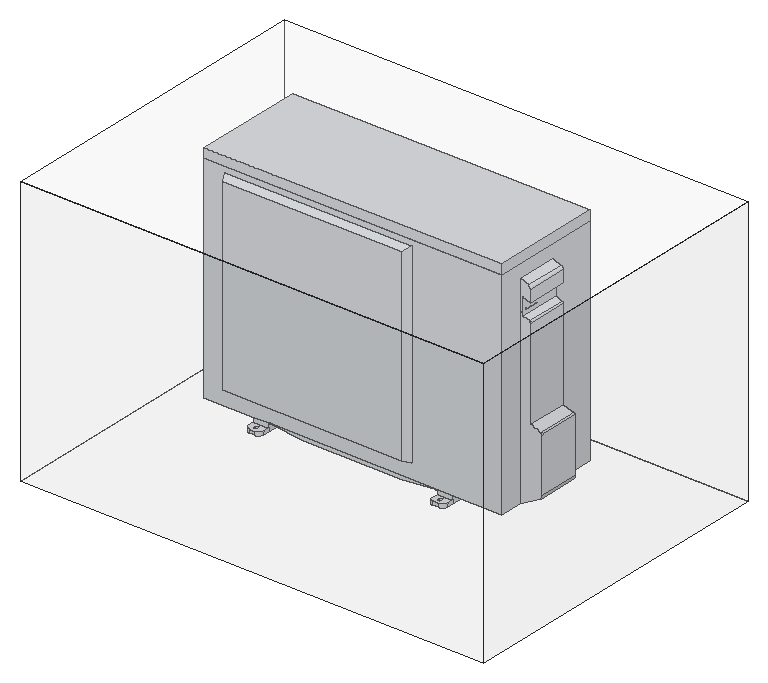
Revit family "puz-zrmp2863ska14_50hz", category 機械設備, Revit 2019
Family settings
  丸型コネクタ寸法 = 直径を使用
  パーツ タイプ = 標準
  OmniClass 番号 = 23.75.10.24.21.27.27
  OmniClass タイトル = Split System Air Conditioning Units
  作業面ベース = いいえ
  常に垂直 = はい
  ロード時にボイドで切り取り = いいえ
  共有 = いいえ
  部屋計算ポイント = いいえ
Parameters (values of type "室外機_PUZ-ZRMP28KA14 (-BS_BSG)")
  音響パワーレベル_冷房 (dB) = 64
  音響パワーレベル_暖房 (dB) = 66
  音響パワーレベル(dB) = [音響パワーレベル_暖房 (dB)]  # 66
  電源種別 = ""
  電源位置Y = 61 mm
  電源位置Z = 497.7 mm
  電源位置X = 400 mm
  電圧 = 200 V
  電動機出力_送風機 = 0.04 kW
  電動機出力_圧縮機 = 0.5 kW
  集中コントローラ [instance] = ""
  運転質量 = 0.00 kg
  運転方法 = "冷暖切替"
  質量 = if(製品質量 > 運転質量, 製品質量, 運転質量) * 1.2  # 43.20 kg
  負荷分類 = 1_熱源類
  説明 = "空冷H/P PAC インバータ室外機"
  設計暖房能力 [instance] = 0 kW
  設計冷房能力_顕熱 [instance] = 0 kW
  設計冷房能力 [instance] = 0 kW
  設置方法 = "床置形"
  記号 [instance] = ""
  製造元 = "三菱電機株式会社"
  製品質量 = 36.00 kg
  製品出荷対象 = "国内"
  製品リリース年月 = ""
  製品グループ = ""
  系統 [instance] = ""
  符号 = "PAC"
  積算_科目 = "1 空気調和設備"
  積算_拾い区分 [instance] = ""
  相 = 3
  盤記号 [instance] = ""
  発停方法 = "付属スイッチ"
  特殊仕様 [instance] = ""
  消費電力_暖房 = 0 kW
  消費電力_冷房 = 0 kW
  消費電力 = if(消費電力_冷房 > 消費電力_暖房, 消費電力_冷房, 消費電力_暖房)  # 0 kW
  法定耐用年数 = "6"
  構成品番 = "PUZ-ZRMP28KA14 (-BS,-BSG)"
  極数 = 3
  材質 [instance] = ""
  本体マテリアル = none
  最小電線太さ_mm2 = 2
  最大電流値 = 0 A
  暖房能力 = 2.8 kW
  推奨ブレーカー容量 = 15 A
  据付ピッチ1 = 0 mm
  形式 = "パッケージ形 室外機"
  形名 = PUZ-ZRMP-1 : PUZ-ZRMP-1
  幹線記号 [instance] = ""
  始動方式 = "インバータ始動方式"
  呼称 = "パッケージ形空気調和機_室外機"
  周波数 = 50 Hz
  価格 = 0
  ドレン　位置Z = 8.5 mm
  ドレン　位置Y = 48.5 mm
  ドレン　位置X = 404.5 mm
  アンカーボルト位置Y = 330 mm
  アンカーボルト位置X = 500 mm
  参照している仕様書等のバージョン = "公共建築物標準仕様書（機械設備工事編）平成31年度版"
  分類コード = "5.0053E+13"
  分類グループ = ""
  冷房能力 = 2.5 kW
  冷媒管（ガス）位置X = 420 mm
  冷媒管（液）位置X = 420 mm
  冷媒管（液）位置Y = 153.75 mm
  冷媒管（ガス）位置Y = 153.75 mm
  冷媒管長 [instance] = 0 mm
  冷媒管径符号 = "Ac"
  冷媒管径 = 60.00 mm
  冷媒管位置Z = 158.95 mm
  冷媒管位置Y = (冷媒管（液）位置Y + 冷媒管（ガス）位置Y) / 2  # 153.75 mm
  冷媒管位置X = (冷媒管（液）位置X + 冷媒管（ガス）位置X) / 2  # 420 mm
  冷媒液管径 = 6.35 mm
  冷媒ガス管径 = 12.70 mm
  企業コード = "108420"
  付属品 [instance] = ""
  仕様書バージョン = "Version1.0"
  ユニット数 = 1
  ユニット3 = yes
  ユニット2 = yes
  Model = ""
  ドレン管径 = 42.00 mm
  サービススペース = yes
  コメント [instance] = ""
  ケーブル種類1 = ""
  【値が 0 の項目は組合せ形名にてご確認ください】 = ""
  Width = 809 mm
  Version = ""
  Uniclass2015Version = "Systems v1.9"
  Uniclass2015Title = "Split coil remote air cooled condensing units"
  Uniclass2015Code = "Pr_70_65_03_84"
  URL = "https://www.mitsubishielectric.co.jp/ldg/wink/ssl/top.do"
  SpecificationReference = ""
  SpecificationDescription = ""
  Revision = ""
  ProductInformation = ""
  OmniClassCode = "23-33 17 13 11"
  IfcTypeProduct = ""
  IfcProduct = ""
  IfcExportType = "AIRCONDITIONINGUNIT"
  IfcExportAs = "IfcUnitaryEquipmentType"
  Height = 630 mm
  Depth = 300 mm
  Clearance Top = 100 mm
  Clearance Right = 350 mm
  Clearance Left = 100 mm
  Clearance Front = 500 mm
  Clearance Bottom = 0 mm
  Clearance Back = 100 mm
  COP = 0
  Author = "三菱電機株式会社"
  APF = 0
Reference planes
  plane 1 "中心(正面/背面)": y = 74
  plane 2: z = 0
  plane 3 "中心(左/右)": x = 830
  plane 4 "右": x = 1234.5
  plane 5 "左": x = 425.5
  plane 6 "背面": y = 224
  plane 7 "正面": y = -76
  plane 8 "上部": z = 630
  plane 9 "Clearanse Top": z = 730
  plane 10 "SS_back": y = 324
  plane 11 "SS_front": y = -576
  plane 12 "SS_left": x = 325.5
  plane 13 "SS_right": x = 1584.5
  plane 14: z = 0
  plane 15: y = -15
  plane 16: x = 1230
  plane 17: z = 497.7
  plane 18: y = -13
  plane 19: y = 70.25
  plane 20: x = 1250
  plane 21: y = 175.5
  plane 22: x = 830
  plane 23: z = 10.5
  plane 24: z = 8.5
  plane 25: x = 580
  plane 26: x = 1080
  plane 27: y = 239
  plane 28: y = -91
Forms (mm)
  Extrusion 1, solid, detail levels fine
    sketch origin (0, -76, 0) x (1, 0, 0) y (0, 0, 1)
      loop
        circle (1230, 497.7) r 13.5
    from -63 to -61
  Extrusion 2, solid, detail levels fine
    sketch origin (-1437.329, -1524, 54) x (-1, 0, 0) y (0, -1, 0)
      loop
        circle (-2267.329, -1699.5) r 21
    from -45.5 to -43.5
  Sweep 3, solid, material <- "本体マテリアル", detail levels fine
    path origin (1250, 1296.25, 1200) x (0, 1, 0) y (0, 0, 1)
      loop
        line (-1226, -1041.05) -> (-1272.623, -1084.565)
    profile origin (1250, 46.939, 137.193) x (0, 0.682318, -0.731055) y (1, 0, 0)
      loop
        circle (0, 0) r 30
Lines and regions (mm)
  model lines, not visible
    curve 1: line (460, 178.667, 1289.179) -> (460, 297.73, 1289.179)
    curve 2: line (460, 178.667, 1056.056) -> (460, 178.667, 1289.179)
    curve 3: line (460, 297.73, 1056.056) -> (460, 178.667, 1056.056)
    curve 4: line (460, 297.73, 1289.179) -> (460, 297.73, 1056.056)
    curve 5: line (460, 47.598, 1289.179) -> (460, 166.661, 1289.179)
    curve 6: line (460, 47.598, 1056.056) -> (460, 47.598, 1289.179)
    curve 7: line (460, 166.661, 1056.056) -> (460, 47.598, 1056.056)
    curve 8: line (460, 166.661, 1289.179) -> (460, 166.661, 1056.056)
    curve 9: line (460, -83.471, 1289.179) -> (460, 35.592, 1289.179)
    curve 10: line (460, -83.471, 1056.056) -> (460, -83.471, 1289.179)
    curve 11: line (460, 35.592, 1056.056) -> (460, -83.471, 1056.056)
    curve 12: line (460, 35.592, 1289.179) -> (460, 35.592, 1056.056)
    curve 13: line (460, -150.779, 1289.179) -> (460, -95.75, 1289.179)
    curve 14: line (460, -150.779, 1056.056) -> (460, -150.779, 1289.179)
    curve 15: line (460, -95.75, 1056.056) -> (460, -150.779, 1056.056)
    curve 16: line (460, -95.75, 1289.179) -> (460, -95.75, 1056.056)
    curve 17: line (460, -150.779, 1283.175) -> (460, -132.596, 1283.175)
    curve 18: line (460, -150.779, 1062.059) -> (460, -150.779, 1283.175)
    curve 19: line (460, -132.596, 1062.059) -> (460, -150.779, 1062.059)
    curve 20: line (460, -132.596, 1283.175) -> (460, -132.596, 1062.059)
    curve 21: line (460, 178.667, 1046.051) -> (460, 297.73, 1046.051)
    curve 22: line (460, 178.667, 812.928) -> (460, 178.667, 1046.051)
    curve 23: line (460, 297.73, 812.928) -> (460, 178.667, 812.928)
    curve 24: line (460, 297.73, 1046.051) -> (460, 297.73, 812.928)
    curve 25: line (460, 47.598, 1046.051) -> (460, 166.661, 1046.051)
    curve 26: line (460, 47.598, 812.928) -> (460, 47.598, 1046.051)
    curve 27: line (460, 166.661, 812.928) -> (460, 47.598, 812.928)
    curve 28: line (460, 166.661, 1046.051) -> (460, 166.661, 812.928)
    curve 29: line (460, -83.471, 1046.051) -> (460, 35.592, 1046.051)
    curve 30: line (460, -83.471, 812.928) -> (460, -83.471, 1046.051)
    curve 31: line (460, 35.592, 812.928) -> (460, -83.471, 812.928)
    curve 32: line (460, 35.592, 1046.051) -> (460, 35.592, 812.928)
    curve 33: line (460, -150.779, 1046.051) -> (460, -95.75, 1046.051)
    curve 34: line (460, -150.779, 812.928) -> (460, -150.779, 1046.051)
    curve 35: line (460, -95.75, 812.928) -> (460, -150.779, 812.928)
    curve 36: line (460, -95.75, 1046.051) -> (460, -95.75, 812.928)
    curve 37: line (460, -150.779, 1040.048) -> (460, -132.596, 1040.048)
    curve 38: line (460, -150.779, 818.931) -> (460, -150.779, 1040.048)
    curve 39: line (460, -132.596, 818.931) -> (460, -150.779, 818.931)
    curve 40: line (460, -132.596, 1040.048) -> (460, -132.596, 818.931)
    curve 41: line (460, 178.667, 802.923) -> (460, 297.73, 802.923)
    curve 42: line (460, 178.667, 569.8) -> (460, 178.667, 802.923)
    curve 43: line (460, 297.73, 569.8) -> (460, 178.667, 569.8)
    curve 44: line (460, 297.73, 802.923) -> (460, 297.73, 569.8)
    curve 45: line (460, 47.598, 802.923) -> (460, 166.661, 802.923)
    curve 46: line (460, 47.598, 569.8) -> (460, 47.598, 802.923)
    curve 47: line (460, 166.661, 569.8) -> (460, 47.598, 569.8)
    curve 48: line (460, 166.661, 802.923) -> (460, 166.661, 569.8)
    curve 49: line (460, -83.471, 802.923) -> (460, 35.592, 802.923)
    curve 50: line (460, -83.471, 569.8) -> (460, -83.471, 802.923)
    curve 51: line (460, 35.592, 569.8) -> (460, -83.471, 569.8)
    curve 52: line (460, 35.592, 802.923) -> (460, 35.592, 569.8)
    curve 53: line (460, -150.779, 802.923) -> (460, -95.75, 802.923)
    curve 54: line (460, -150.779, 569.8) -> (460, -150.779, 802.923)
    curve 55: line (460, -95.75, 569.8) -> (460, -150.779, 569.8)
    curve 56: line (460, -95.75, 802.923) -> (460, -95.75, 569.8)
    curve 57: line (460, -150.779, 796.92) -> (460, -132.596, 796.92)
    curve 58: line (460, -150.779, 575.803) -> (460, -150.779, 796.92)
    curve 59: line (460, -132.596, 575.803) -> (460, -150.779, 575.803)
    curve 60: line (460, -132.596, 796.92) -> (460, -132.596, 575.803)
    curve 61: line (460, 178.667, 559.795) -> (460, 297.73, 559.795)
    curve 62: line (460, 178.667, 326.672) -> (460, 178.667, 559.795)
    curve 63: line (460, 297.73, 326.672) -> (460, 178.667, 326.672)
    curve 64: line (460, 297.73, 559.795) -> (460, 297.73, 326.672)
    curve 65: line (460, 47.598, 559.795) -> (460, 166.661, 559.795)
    curve 66: line (460, 47.598, 326.672) -> (460, 47.598, 559.795)
    curve 67: line (460, 166.661, 326.672) -> (460, 47.598, 326.672)
    curve 68: line (460, 166.661, 559.795) -> (460, 166.661, 326.672)
    curve 69: line (460, -83.471, 559.795) -> (460, 35.592, 559.795)
    curve 70: line (460, -83.471, 326.672) -> (460, -83.471, 559.795)
    curve 71: line (460, 35.592, 326.672) -> (460, -83.471, 326.672)
    curve 72: line (460, 35.592, 559.795) -> (460, 35.592, 326.672)
    curve 73: line (460, -150.779, 559.795) -> (460, -95.75, 559.795)
    curve 74: line (460, -150.779, 326.672) -> (460, -150.779, 559.795)
    curve 75: line (460, -95.75, 326.672) -> (460, -150.779, 326.672)
    curve 76: line (460, -95.75, 559.795) -> (460, -95.75, 326.672)
    curve 77: line (460, -150.779, 553.792) -> (460, -132.596, 553.792)
    curve 78: line (460, -150.779, 332.675) -> (460, -150.779, 553.792)
    curve 79: line (460, -132.596, 332.675) -> (460, -150.779, 332.675)
    curve 80: line (460, -132.596, 553.792) -> (460, -132.596, 332.675)
    curve 81: line (460, 178.667, 316.667) -> (460, 297.73, 316.667)
    curve 82: line (460, 178.667, 83.544) -> (460, 178.667, 316.667)
    curve 83: line (460, 297.73, 83.544) -> (460, 178.667, 83.544)
    curve 84: line (460, 297.73, 316.667) -> (460, 297.73, 83.544)
    curve 85: line (460, 47.598, 316.667) -> (460, 166.661, 316.667)
    curve 86: line (460, 47.598, 83.544) -> (460, 47.598, 316.667)
    curve 87: line (460, 166.661, 83.544) -> (460, 47.598, 83.544)
    curve 88: line (460, 166.661, 316.667) -> (460, 166.661, 83.544)
    curve 89: line (460, -83.471, 316.667) -> (460, 35.592, 316.667)
    curve 90: line (460, -83.471, 83.544) -> (460, -83.471, 316.667)
    curve 91: line (460, 35.592, 83.544) -> (460, -83.471, 83.544)
    curve 92: line (460, 35.592, 316.667) -> (460, 35.592, 83.544)
    curve 93: line (460, -150.779, 316.667) -> (460, -95.75, 316.667)
    curve 94: line (460, -150.779, 83.544) -> (460, -150.779, 316.667)
    curve 95: line (460, -95.75, 83.544) -> (460, -150.779, 83.544)
    curve 96: line (460, -95.75, 316.667) -> (460, -95.75, 83.544)
    curve 97: line (460, -150.779, 310.664) -> (460, -132.596, 310.664)
    curve 98: line (460, -150.779, 89.547) -> (460, -150.779, 310.664)
    curve 99: line (460, -132.596, 89.547) -> (460, -150.779, 89.547)
    curve 100: line (460, -132.596, 310.664) -> (460, -132.596, 89.547)
Dimensions and locks
  equal spacing: plane 7 "正面", plane 1 "中心(正面/背面)", plane 6 "背面"
  "Depth": plane 7 "正面" to plane 6 "背面"
  "Width": plane 5 "左" to plane 4 "右"
  equal spacing: plane 5 "左", plane 3 "中心(左/右)", plane 4 "右"
  "Clearance Left": plane 12 "SS_left" to plane 5 "左"
  "Clearance Right": plane 4 "右" to plane 13 "SS_right"
  "Clearance Back": plane 6 "背面" to plane 10 "SS_back"
  "Clearance Front": plane 11 "SS_front" to plane 7 "正面"
  "Height": plane 8 "上部" to level
  "Clearance Top": plane 9 "Clearanse Top" to plane 8 "上部"
  "Clearance Bottom": level to plane 14
  "電源位置X": plane 3 "中心(左/右)" to plane 16
  "電源位置Y": plane 7 "正面" to plane 15
  "電源位置Z": plane 17 to level
  locked: plane 15 to plane 18 at 2
  "冷媒管位置X": plane 3 "中心(左/右)" to plane 20
  "冷媒管位置Y": plane 19 to plane 6 "背面"
  "ドレン　位置X": plane 5 "左" to plane 22
  "ドレン　位置Y": plane 21 to plane 6 "背面"
  locked: plane 23 to plane 24 at 2
  "ドレン　位置Z": plane 24 to level
  equal spacing: plane 28, plane 1 "中心(正面/背面)", plane 27
  "アンカーボルト位置Y": plane 28 to plane 27
  equal spacing: plane 25, plane 3 "中心(左/右)", plane 26
  "アンカーボルト位置X": plane 25 to plane 26
  radius of Extrusion 1 sketch curve = 13.5 mm
  "ドレン管径": diameter of Extrusion 2 sketch curve
  "冷媒管径": diameter of Sweep 3 sketch curve
  aligned and locked: level to plane 2
  aligned and locked: plane 10 "SS_back" to nested 1  (x2)
  aligned and locked: plane 13 "SS_right" to nested 1
  aligned and locked: plane 12 "SS_left" to nested 1  (x2)
  aligned and locked: nested 1 to plane 13 "SS_right"
  aligned and locked: plane 11 "SS_front" to nested 1
  aligned and locked: plane 9 "Clearanse Top" to nested 1
  aligned and locked: plane 1 "中心(正面/背面)" to nested 2
  aligned and locked: plane 3 "中心(左/右)" to nested 2
  aligned and locked: plane 14 to nested 1
  aligned and locked: plane 17 to Extrusion 1 sketch curve
  aligned and locked: plane 16 to Extrusion 1 sketch curve
  aligned and locked: Extrusion 1 to plane 18
  aligned and locked: plane 15 to Extrusion 1
  aligned and locked: plane 22 to Extrusion 2 sketch curve
  aligned and locked: plane 21 to Extrusion 2 sketch curve
  aligned and locked: plane 23 to Extrusion 2
  aligned and locked: Extrusion 2 to plane 24
  aligned and locked: plane 25 to nested 3
  aligned and locked: plane 27 to nested 3
Automatic sketch dimensions
  Sweep 3 sketch curve to plane 18 = 36.627 mm
  plane 1 "中心(正面/背面)" to Sweep 3 sketch curve = 3.75 mm
  plane 23 to Sweep 3 sketch curve = 104.935 mm
  Sweep 3 sketch curve to Sweep 3 sketch curve = 43.515 mm
  Sweep 3 sketch curve to plane 20 = 0 mm
  Sweep 3 sketch curve to profile plane = 0 mm
Nested families
  nested 1: "サービススペース" at (955, -126, 365), visible <- "サービススペース", type "サービススペース"
    with Width 1259 mm, Height 730 mm, Depth 900 mm
  nested 2: "PUZ-ZRMP-1" at (830, 74, 0), type <- "形名", type "PUZ-ZRMP-1"
  nested 3: "固定点" at (580, -91, 0), type "固定点"
    with 中心円 10 mm, W 500 mm, D 330 mm
Connectors
  electrical at (1230, -15, 497.7), driven by "極数", driven by "負荷分類", driven by "電圧", driven by "消費電力"
    settings: on Extrusion 1, index 2, voltage 200 V, apparent load 0 VA, apparent load phase1 0 VA, apparent load phase2 0 VA, apparent load phase3 0 VA, power factor 1, load classification "1_熱源類", number of poles 3, system type 30, power factor state 1, is connector primary yes, connector utility no, sub classification motor no, connector description ""
  piping at (1250, 70.25, 158.95), diameter 60, driven by "冷媒管径", driven by "冷媒管径符号"
    settings: on Sweep 3, index 3, connector inside diameter 609.60 mm, connector length 0 mm, flow factor 0, pipe flow 0.0 L/s, pressure drop 0.0 Pa, fitting loss kfactor 0, connector angle 0.00°, fixture units 0, engagement length 0 mm, angle of deflection 0.00°, flow configuration 1, flow direction 2, fitting loss method 4, system type 7, joint type 0, gender type 0, connector reference index -1, connector utility 0, adjustable connector no, is connector primary yes, connector description "Ac"
Definition of nested family "サービススペース"
  Parameters (values of type "サービススペース")
    Width [instance] = 500 mm
    Height [instance] = 500 mm
    Depth [instance] = 500 mm
  Reference planes
    plane 1 "中心(正面/背面)": y = 0
    plane 2: z = 0
    plane 3 "中心(左/右)": x = 0
    plane 4: y = -250
    plane 5: x = 250
    plane 6: y = 250
    plane 7: x = -250
    plane 8: z = 250
    plane 9: z = -250
  Forms (mm)
    Extrusion 1, solid
      sketch origin (-638.939, 0, 72.39) x (1, 0, 0) y (0, 1, 0)
        loop
          line (388.939, 250) -> (388.939, -250) -> (888.939, -250) -> (888.939, 250) -> (388.939, 250)
      from -322.39 to 177.61
  Lines and regions (mm)
    symbolic lines
      curve 1: line (-250, 0, 250) -> (250, 0, 250)
      curve 2: line (-250, 0, -250) -> (-250, 0, 250)
      curve 3: line (250, 0, -250) -> (-250, 0, -250)
      curve 4: line (250, 0, 250) -> (250, 0, -250)
      curve 5: line (0, -250, 250) -> (0, 250, 250)
      curve 6: line (0, -250, -250) -> (0, -250, 250)
      curve 7: line (0, 250, -250) -> (0, -250, -250)
      curve 8: line (0, 250, 250) -> (0, 250, -250)
      curve 9: line (-250, 250, 0) -> (250, 250, 0)
      curve 10: line (-250, -250, 0) -> (-250, 250, 0)
      curve 11: line (250, -250, 0) -> (-250, -250, 0)
      curve 12: line (250, 250, 0) -> (250, -250, 0)
  Dimensions and locks
    equal spacing: plane 7, plane 3 "中心(左/右)", plane 5
    equal spacing: plane 4, plane 1 "中心(正面/背面)", plane 6
    "Depth": plane 4 to plane 6
    "Width": plane 7 to plane 5
    equal spacing: plane 8, plane 2, plane 9
    "Height": plane 8 to plane 9
    aligned and locked: plane 9 to curve 3
    aligned and locked: plane 7 to curve 2
    aligned and locked: curve 4 to plane 5
    aligned and locked: plane 5 to Extrusion 1
    aligned and locked: Extrusion 1 to plane 7
    aligned and locked: Extrusion 1 to plane 9
    aligned and locked: plane 8 to Extrusion 1
    aligned and locked: plane 9 to curve 7
  Automatic sketch dimensions
    plane 4 to Extrusion 1 sketch curve = 0 mm
    Extrusion 1 sketch curve to plane 7 = 0 mm
    Extrusion 1 sketch curve to plane 5 = 0 mm
    plane 6 to Extrusion 1 sketch curve = 0 mm
    curve 2 to plane 8 = 0 mm
    plane 4 to curve 11 = 0 mm
    curve 11 to plane 7 = 0 mm
    curve 11 to plane 5 = 0 mm
    plane 6 to curve 10 = 0 mm
    curve 7 to plane 4 = 0 mm
    curve 7 to plane 6 = 0 mm
    curve 6 to plane 8 = 0 mm
Definition of nested family "PUZ-ZRMP-1"
  Parameters (values of type "PUZ-ZRMP-1")
    配線取出口サイズ = 27 mm
    配線取出口-Z = 497.7 mm
    配線取出口-Y = 239 mm
    配線取出口-X = 400 mm
    液配管サイズ = 50 mm
    高さ = 630 mm
    換気-W = 310 mm
    換気-H2 = 632 mm
    換気-H1 = 325 mm
    換気-D = 20 mm
    奥行き = 300 mm
    吊りボルト_H = 0 mm
    吊りボルト-φ = 10 mm
    冷媒配管サイズ = 6.35 mm
    冷媒液管径-Z = 164.5 mm
    冷媒液管径-Y = 185.5 mm
    冷媒液管径-X = 420 mm
    冷媒ガス管径-Z = 99.5 mm
    冷媒ガス管径-Y = 185.5 mm
    冷媒ガス管径-X = 420 mm
    吊りボルト-W = 500 mm
    マテリアル = none
    ドレン配管サイズ = 42 mm
    ドレン管径-Z = 0 mm
    ドレン管径-Y = 251.5 mm
    ドレン管径-X = 404.5 mm
    タイプ3 = no
    タイプ2 = no
    タイプ1 = yes
    ガス配管サイズ = 12.7 mm
    吊りボルト-D = 330 mm
    幅さ = 809 mm
    a = 600 mm
  Reference planes
    plane 1 "中心(正面/背面)": y = 0
    plane 2: z = 0
    plane 3 "中心(左/右)": x = 0
    plane 4: z = 630
    plane 5: x = -404.5
    plane 6: x = 404.5
    plane 7: y = 150
    plane 8: y = -150
    plane 9: x = 466.5
    plane 10: y = -90
    plane 11: y = 20
    plane 12: z = 605
    plane 13: x = -424.5
    plane 14: x = -250
    plane 15: x = 250
    plane 16: y = 165
    plane 17: y = -165
    plane 18: x = 270
    plane 19: x = 230
    plane 20: x = -230
    plane 21: x = -270
    plane 22: y = 180
    plane 23: y = -180
    plane 24: z = 8.5
    plane 25: z = 20
    plane 26: z = 11.5
    plane 27: x = -135
    plane 28: x = 135
    plane 29: z = 625
    plane 30: y = -40
    plane 31: y = 40
    plane 32: y = -30
    plane 33: y = 30
    plane 34: z = 610
    plane 35: z = 55
    plane 36: z = 225
    plane 37: z = 570
    plane 38: x = 414.5
    plane 39: x = 435.5
    plane 40: y = -170
    plane 41: x = -94.5
    plane 42: z = 325
    plane 43: x = 159.5
    plane 44: x = -348.5
    plane 45: z = 589
    plane 46: z = 61
    plane 47: x = -338.5
    plane 48: x = 149.5
    plane 49: z = 579
    plane 50: z = 71
    plane 51: y = 100
    plane 52: y = -100
    plane 53: x = 0
    plane 54: y = 101.5
    plane 55: x = 420
    plane 56: x = 400
    plane 57: y = -89
    plane 58: y = -35.5
    plane 59: y = -35.5
    plane 60: x = 420
    plane 61: z = 99.5
    plane 62: z = 164.5
    plane 63: z = 497.7
    plane 64: y = -39
    plane 65: z = 137.3
    plane 66: z = 180.6
    plane 67: x = 420
    plane 68: y = -35.5
    plane 69 "グループ": x = -600
    plane 70: z = 1338
    plane 71: z = 943
    plane 72: z = 957
    plane 73: z = 1221
    plane 74: z = 693
    plane 75: z = 1211
    plane 76: z = 703
    plane 77: y = -12.5
    plane 78: y = 5
    plane 79: y = -3.75
  Forms (mm)
    Extrusion 1, solid, visible <- "タイプ1", detail levels fine
      sketch origin (-1437.329, -1524, 630) x (-1, 0, 0) y (0, -1, 0)
        loop
          line (-1167.329, -1674) -> (-1167.329, -1374) -> (-1207.329, -1374) -> (-1207.329, -1674) -> (-1167.329, -1674)
        loop
          line (-1667.329, -1674) -> (-1667.329, -1374) -> (-1707.329, -1374) -> (-1707.329, -1674) -> (-1667.329, -1674)
      from -630 to -610
    Extrusion 2, solid, material <- "マテリアル", visible <- "タイプ1", detail levels fine
      sketch origin (0, 0, 0) x (1, 0, 0) y (0, 0, 1)
        loop
          line (-230, 20) -> (-135, 11.5) -> (135, 11.5) -> (230, 20) -> (-230, 20)
      from -150 to 150
    Extrusion 3, solid, material <- "マテリアル", visible <- "タイプ1", detail levels fine
      sketch origin (-1437.329, -1524, 630) x (-1, 0, 0) y (0, -1, 0)
        loop
          circle (-1437.329, -1625.5) r 21
      from -621.5 to -618.5
    Extrusion 4, solid, material <- "マテリアル", visible <- "タイプ1", detail levels fine
      sketch origin (-1437.329, -1524, 630) x (-1, 0, 0) y (0, -1, 0)
        loop
          line (-1841.829, -1674) -> (-1032.829, -1674) -> (-1032.829, -1374) -> (-1841.829, -1374) -> (-1841.829, -1674)
      from -610 to -25
    Extrusion 5, solid, material <- "マテリアル", visible <- "タイプ1", detail levels fine
      sketch origin (-1437.329, -1524, 630) x (-1, 0, 0) y (0, -1, 0)
        loop
          line (-1032.829, -1674) -> (-1032.829, -1374) -> (-1841.829, -1374) -> (-1841.829, -1674) -> (-1032.829, -1674)
      from -25 to 0
    Blend 6, solid, material <- "マテリアル", visible <- "タイプ1", detail levels fine
      base sketch origin (0, 0, 0) x (0, 1, 0) y (0, 0, 1)
        loop
          line (40, 625) -> (-40, 625) -> (-40, 605) -> (40, 605) -> (40, 625)
      top sketch origin (0, 0, 0) x (0, 1, 0) y (0, 0, 1)
        loop
          line (30, 610) -> (-30, 610) -> (-30, 605) -> (30, 605) -> (30, 610)
      from -404.5 to -424.5
    Extrusion 7, solid, material <- "マテリアル", visible <- "タイプ1", detail levels fine
      sketch origin (0, 0, 0) x (1, 0, 0) y (0, 0, 1)
        loop
          line (404.5, 570) -> (404.5, 20) -> (461.416, 52.13)
          arc (461.416, 52.13) -> (465.136, 55.796) -> (466.5, 60.838) r 10
          line (466.5, 60.838) -> (466.5, 210.216)
          arc (466.5, 210.216) -> (465.596, 213.084) -> (463.21, 214.914) r 5
          line (463.21, 214.914) -> (435.5, 225) -> (435.5, 470.082)
          arc (435.5, 470.082) -> (434.596, 472.95) -> (432.21, 474.78) r 5
          line (432.21, 474.78) -> (414.5, 481.226) -> (414.5, 529.114) -> (435.5, 521.471) -> (435.5, 551.715)
          arc (435.5, 551.715) -> (433.692, 557.451) -> (428.92, 561.112) r 10
          line (428.92, 561.112) -> (404.5, 570)
      from -20 to 90
    Blend 8, solid, material <- "マテリアル", visible <- "タイプ1", detail levels fine
      base sketch origin (0, 0, 0) x (1, 0, 0) y (0, 0, 1)
        loop
          line (-348.5, 589) -> (-348.5, 61) -> (159.5, 61) -> (159.5, 589) -> (-348.5, 589)
      top sketch origin (0, 0, 0) x (1, 0, 0) y (0, 0, 1)
        loop
          line (-338.5, 579) -> (-338.5, 71) -> (149.5, 71) -> (149.5, 579) -> (-338.5, 579)
      from 150 to 170
    Extrusion 9, solid, material <- "マテリアル", visible <- "タイプ1", detail levels fine
      sketch origin (1480.036, -170, 1200) x (1, 0, 0) y (0, 0, 1)
        loop
          circle (-1080.036, -702.3) r 13.5
      from -131 to -81
    Extrusion 10, solid, visible <- "タイプ1", detail levels fine
      sketch origin (-1437.329, -1524, 630) x (-1, 0, 0) y (0, -1, 0)
        loop
          line (-1167.329, -1704) -> (-1167.329, -1674) -> (-1207.329, -1674) -> (-1207.329, -1704) -> (-1192.329, -1704) -> (-1192.329, -1689)
          arc (-1192.329, -1689) -> (-1187.329, -1684) -> (-1182.329, -1689) r 5
          line (-1182.329, -1689) -> (-1182.329, -1704) -> (-1167.329, -1704)
        loop
          line (-1667.329, -1704) -> (-1667.329, -1674) -> (-1707.329, -1674) -> (-1707.329, -1704) -> (-1692.329, -1704) -> (-1692.329, -1689)
          arc (-1692.329, -1689) -> (-1687.329, -1684) -> (-1682.329, -1689) r 5
          line (-1682.329, -1689) -> (-1682.329, -1704) -> (-1667.329, -1704)
        loop
          line (-1667.329, -1374) -> (-1667.329, -1354)
          arc (-1667.329, -1354) -> (-1670.258, -1346.929) -> (-1677.329, -1344) r 10
          line (-1677.329, -1344) -> (-1694.129, -1344)
          arc (-1694.129, -1344) -> (-1703.463, -1347.866) -> (-1707.329, -1357.2) r 13.2
          line (-1707.329, -1357.2) -> (-1707.329, -1374) -> (-1667.329, -1374)
        loop
          line (-1167.329, -1374) -> (-1167.329, -1357.2)
          arc (-1167.329, -1357.2) -> (-1171.196, -1347.866) -> (-1180.529, -1344) r 13.2
          line (-1180.529, -1344) -> (-1194.129, -1344)
          arc (-1194.129, -1344) -> (-1203.463, -1347.866) -> (-1207.329, -1357.2) r 13.2
          line (-1207.329, -1357.2) -> (-1207.329, -1374) -> (-1167.329, -1374)
        loop
          arc (-1192.329, -1359) -> (-1187.329, -1364) -> (-1182.329, -1359) r 5
          line (-1182.329, -1359) -> (-1182.329, -1357.2)
          arc (-1182.329, -1357.2) -> (-1187.329, -1352.2) -> (-1192.329, -1357.2) r 5
          line (-1192.329, -1357.2) -> (-1192.329, -1359)
        loop
          arc (-1692.329, -1359) -> (-1687.329, -1364) -> (-1682.329, -1359) r 5
          line (-1682.329, -1359) -> (-1682.329, -1357.2)
          arc (-1682.329, -1357.2) -> (-1687.329, -1352.2) -> (-1692.329, -1357.2) r 5
          line (-1692.329, -1357.2) -> (-1692.329, -1359)
      from -621.5 to -630
    Sweep 11, solid, material <- "マテリアル", visible <- "タイプ1", detail levels fine
      path origin (420, 1296.25, 1200) x (0, 1, 0) y (0, 0, 1)
        loop
          line (-1331.75, -1035.5) -> (-1308.75, -1019.4)
      profile origin (420, -24, 172.55) x (0, -0.573462, 0.819232) y (1, 0, 0)
        loop
          circle (0, 0) r 3.175
    Sweep 12, solid, material <- "マテリアル", visible <- "タイプ1", detail levels fine
      path origin (420, 1296.25, 1200) x (0, 1, 0) y (0, 0, 1)
        loop
          line (-1331.75, -1100.5) -> (-1291.25, -1062.7)
      profile origin (420, -15.25, 118.4) x (0, -0.682318, 0.731055) y (1, 0, 0)
        loop
          circle (0, 0) r 6.35
  Lines and regions (mm)
    Masking region 1, visible <- "タイプ1", detail levels coarse+medium
      outline origin (-1437.329, -1524, 630) x (-1, 0, 0) y (0, -1, 0)
        loop
          line (-1841.829, -1674) -> (-1707.329, -1674) -> (-1707.329, -1704) -> (-1667.329, -1704) -> (-1667.329, -1674) -> (-1207.329, -1674) -> (-1207.329, -1704) -> (-1167.329, -1704) -> (-1167.329, -1674) -> (-1032.829, -1674) -> (-1032.829, -1564) -> (-1012.829, -1554) -> (-1012.829, -1494) -> (-1032.829, -1484) -> (-1032.829, -1374) -> (-1088.829, -1374) -> (-1098.829, -1354) -> (-1164.523, -1354)
          arc (-1164.523, -1354) -> (-1169.205, -1346.796) -> (-1177.329, -1344) r 13.2
          line (-1177.329, -1344) -> (-1193.997, -1344)
          arc (-1193.997, -1344) -> (-1202.121, -1346.796) -> (-1206.804, -1354) r 13.2
          line (-1206.804, -1354) -> (-1586.829, -1354) -> (-1596.829, -1374) -> (-1667.329, -1374) -> (-1667.329, -1354)
          arc (-1667.329, -1354) -> (-1670.258, -1346.929) -> (-1677.329, -1344) r 10
          line (-1677.329, -1344) -> (-1694.129, -1344)
          arc (-1694.129, -1344) -> (-1703.463, -1347.866) -> (-1707.329, -1357.2) r 13.2
          line (-1707.329, -1357.2) -> (-1707.329, -1374) -> (-1841.829, -1374) -> (-1841.829, -1434) -> (-1903.829, -1434) -> (-1903.829, -1544) -> (-1841.829, -1544) -> (-1841.829, -1674)
    model lines, visible <- "タイプ1", detail levels fine
      curve 1: line (324.5, 100, 630) -> (-324.5, 100, 630)
      curve 2: line (-324.5, -100, 630) -> (324.5, -100, 630)
      curve 3: line (-324.5, -40, 630) -> (324.5, -40, 630)
      curve 4: line (324.5, 40, 630) -> (-324.5, 40, 630)
      curve 5: line (-324.5, -30, 630) -> (324.5, -30, 630)
      curve 6: line (324.5, 30, 630) -> (-324.5, 30, 630)
      curve 7: line (-324.5, 100, 630) -> (-324.5, 40, 630)
      curve 8: line (324.5, -100, 630) -> (324.5, -40, 630)
      curve 9: line (-324.5, 30, 630) -> (-324.5, -30, 630)
      curve 10: line (-324.5, -40, 630) -> (-324.5, -100, 630)
      curve 11: line (324.5, -30, 630) -> (324.5, 30, 630)
      curve 12: line (324.5, 40, 630) -> (324.5, 100, 630)
      curve 13: line (354.5, -100, 630) -> (354.5, 100, 630)
      curve 14: line (339.5, -100, 630) -> (339.5, 100, 630)
      curve 15: line (-354.5, 100, 630) -> (-354.5, -100, 630)
      curve 16: line (-339.5, 100, 630) -> (-339.5, -100, 630)
      curve 17: line (-339.5, 100, 630) -> (-354.5, 100, 630)
      curve 18: line (-339.5, -100, 630) -> (-354.5, -100, 630)
      curve 19: line (339.5, 100, 630) -> (354.5, 100, 630)
      curve 20: line (339.5, -100, 630) -> (354.5, -100, 630)
      curve 21: line (-338.5, -170, 372.5) -> (149.5, -170, 372.5)
      curve 22: line (149.5, -170, 277.5) -> (-338.5, -170, 277.5)
      curve 23: line (-338.5, -170, 467.5) -> (149.5, -170, 467.5)
      curve 24: line (-338.5, -170, 562.5) -> (149.5, -170, 562.5)
      curve 25: line (149.5, -170, 182.5) -> (-338.5, -170, 182.5)
      curve 26: line (149.5, -170, 87.5) -> (-338.5, -170, 87.5)
      curve 27: line (-321.071, -170, 579) -> (-321.071, -170, 71)
      curve 28: line (132.071, -170, 71) -> (132.071, -170, 579)
      curve 29: line (-303.643, -170, 579) -> (-303.643, -170, 71)
      curve 30: line (-286.214, -170, 579) -> (-286.214, -170, 71)
      curve 31: line (-268.786, -170, 579) -> (-268.786, -170, 71)
      curve 32: line (-251.357, -170, 579) -> (-251.357, -170, 71)
      curve 33: line (-233.929, -170, 579) -> (-233.929, -170, 71)
      curve 34: line (-216.5, -170, 579) -> (-216.5, -170, 71)
      curve 35: line (-199.071, -170, 579) -> (-199.071, -170, 71)
      curve 36: line (-181.643, -170, 579) -> (-181.643, -170, 71)
      curve 37: line (-164.214, -170, 579) -> (-164.214, -170, 71)
      curve 38: line (-146.786, -170, 579) -> (-146.786, -170, 71)
      curve 39: line (-129.357, -170, 579) -> (-129.357, -170, 71)
      curve 40: line (-111.929, -170, 579) -> (-111.929, -170, 71)
      curve 41: line (-94.5, -170, 579) -> (-94.5, -170, 71)
      curve 42: line (-77.071, -170, 579) -> (-77.071, -170, 71)
      curve 43: line (-59.643, -170, 579) -> (-59.643, -170, 71)
      curve 44: line (-42.214, -170, 579) -> (-42.214, -170, 71)
      curve 45: line (-24.786, -170, 579) -> (-24.786, -170, 71)
      curve 46: line (-7.357, -170, 579) -> (-7.357, -170, 71)
      curve 47: line (10.071, -170, 579) -> (10.071, -170, 71)
      curve 48: line (27.5, -170, 579) -> (27.5, -170, 71)
      curve 49: line (44.929, -170, 579) -> (44.929, -170, 71)
      curve 50: line (62.357, -170, 579) -> (62.357, -170, 71)
      curve 51: line (79.786, -170, 579) -> (79.786, -170, 71)
      curve 52: line (97.214, -170, 579) -> (97.214, -170, 71)
      curve 53: line (114.643, -170, 579) -> (114.643, -170, 71)
      curve 54: line (-404.5, -10, 574) -> (-404.5, -10, 584)
      curve 55: line (-404.5, -100, 584) -> (-404.5, -100, 574)
      curve 56: line (-404.5, 100, 584) -> (-404.5, 100, 574)
      curve 57: line (-404.5, 10, 584) -> (-404.5, 10, 574)
      curve 58: line (-404.5, 95, 589) -> (-404.5, 15, 589)
      curve 59: line (-404.5, -15, 589) -> (-404.5, -95, 589)
      curve 60: line (-404.5, -15, 569) -> (-404.5, -95, 569)
      curve 61: line (-404.5, 95, 569) -> (-404.5, 15, 569)
      curve 62: arc (-404.5, 100, 584) -> (-404.5, 98.536, 587.536) -> (-404.5, 95, 589) r 5
      curve 63: arc (-404.5, 95, 569) -> (-404.5, 98.536, 570.464) -> (-404.5, 100, 574) r 5
      curve 64: arc (-404.5, 10, 584) -> (-404.5, 11.464, 587.536) -> (-404.5, 15, 589) r 5
      curve 65: arc (-404.5, 10, 574) -> (-404.5, 11.464, 570.464) -> (-404.5, 15, 569) r 5
      curve 66: arc (-404.5, -10, 584) -> (-404.5, -11.464, 587.536) -> (-404.5, -15, 589) r 5
      curve 67: arc (-404.5, -15, 569) -> (-404.5, -11.464, 570.464) -> (-404.5, -10, 574) r 5
      curve 68: arc (-404.5, -95, 589) -> (-404.5, -98.536, 587.536) -> (-404.5, -100, 584) r 5
      curve 69: arc (-404.5, -100, 574) -> (-404.5, -98.536, 570.464) -> (-404.5, -95, 569) r 5
      curve 70: line (-404.5, -10, 544) -> (-404.5, -10, 554)
      curve 71: line (-404.5, -100, 554) -> (-404.5, -100, 544)
      curve 72: line (-404.5, 100, 554) -> (-404.5, 100, 544)
      curve 73: line (-404.5, 10, 554) -> (-404.5, 10, 544)
      curve 74: line (-404.5, 95, 559) -> (-404.5, 15, 559)
      curve 75: line (-404.5, -15, 559) -> (-404.5, -95, 559)
      curve 76: line (-404.5, -15, 539) -> (-404.5, -95, 539)
      curve 77: line (-404.5, 95, 539) -> (-404.5, 15, 539)
      curve 78: arc (-404.5, 100, 554) -> (-404.5, 98.536, 557.536) -> (-404.5, 95, 559) r 5
      curve 79: arc (-404.5, 95, 539) -> (-404.5, 98.536, 540.464) -> (-404.5, 100, 544) r 5
      curve 80: arc (-404.5, 10, 554) -> (-404.5, 11.464, 557.536) -> (-404.5, 15, 559) r 5
      curve 81: arc (-404.5, 10, 544) -> (-404.5, 11.464, 540.464) -> (-404.5, 15, 539) r 5
      curve 82: arc (-404.5, -10, 554) -> (-404.5, -11.464, 557.536) -> (-404.5, -15, 559) r 5
      curve 83: arc (-404.5, -15, 539) -> (-404.5, -11.464, 540.464) -> (-404.5, -10, 544) r 5
      curve 84: arc (-404.5, -95, 559) -> (-404.5, -98.536, 557.536) -> (-404.5, -100, 554) r 5
      curve 85: arc (-404.5, -100, 544) -> (-404.5, -98.536, 540.464) -> (-404.5, -95, 539) r 5
      curve 86: line (-404.5, -10, 514) -> (-404.5, -10, 524)
      curve 87: line (-404.5, -100, 524) -> (-404.5, -100, 514)
      curve 88: line (-404.5, 100, 524) -> (-404.5, 100, 514)
      curve 89: line (-404.5, 10, 524) -> (-404.5, 10, 514)
      curve 90: line (-404.5, 95, 529) -> (-404.5, 15, 529)
      curve 91: line (-404.5, -15, 529) -> (-404.5, -95, 529)
      curve 92: line (-404.5, -15, 509) -> (-404.5, -95, 509)
      curve 93: line (-404.5, 95, 509) -> (-404.5, 15, 509)
      curve 94: arc (-404.5, 100, 524) -> (-404.5, 98.536, 527.536) -> (-404.5, 95, 529) r 5
      curve 95: arc (-404.5, 95, 509) -> (-404.5, 98.536, 510.464) -> (-404.5, 100, 514) r 5
      curve 96: arc (-404.5, 10, 524) -> (-404.5, 11.464, 527.536) -> (-404.5, 15, 529) r 5
      curve 97: arc (-404.5, 10, 514) -> (-404.5, 11.464, 510.464) -> (-404.5, 15, 509) r 5
      curve 98: arc (-404.5, -10, 524) -> (-404.5, -11.464, 527.536) -> (-404.5, -15, 529) r 5
      curve 99: arc (-404.5, -15, 509) -> (-404.5, -11.464, 510.464) -> (-404.5, -10, 514) r 5
      curve 100: arc (-404.5, -95, 529) -> (-404.5, -98.536, 527.536) -> (-404.5, -100, 524) r 5
      curve 101: arc (-404.5, -100, 514) -> (-404.5, -98.536, 510.464) -> (-404.5, -95, 509) r 5
      curve 102: line (-404.5, -10, 484) -> (-404.5, -10, 494)
      curve 103: line (-404.5, -100, 494) -> (-404.5, -100, 484)
      curve 104: line (-404.5, 100, 494) -> (-404.5, 100, 484)
      curve 105: line (-404.5, 10, 494) -> (-404.5, 10, 484)
      curve 106: line (-404.5, 95, 499) -> (-404.5, 15, 499)
      curve 107: line (-404.5, -15, 499) -> (-404.5, -95, 499)
      curve 108: line (-404.5, -15, 479) -> (-404.5, -95, 479)
      curve 109: line (-404.5, 95, 479) -> (-404.5, 15, 479)
      curve 110: arc (-404.5, 100, 494) -> (-404.5, 98.536, 497.536) -> (-404.5, 95, 499) r 5
      curve 111: arc (-404.5, 95, 479) -> (-404.5, 98.536, 480.464) -> (-404.5, 100, 484) r 5
      curve 112: arc (-404.5, 10, 494) -> (-404.5, 11.464, 497.536) -> (-404.5, 15, 499) r 5
      curve 113: arc (-404.5, 10, 484) -> (-404.5, 11.464, 480.464) -> (-404.5, 15, 479) r 5
      curve 114: arc (-404.5, -10, 494) -> (-404.5, -11.464, 497.536) -> (-404.5, -15, 499) r 5
      curve 115: arc (-404.5, -15, 479) -> (-404.5, -11.464, 480.464) -> (-404.5, -10, 484) r 5
      curve 116: arc (-404.5, -95, 499) -> (-404.5, -98.536, 497.536) -> (-404.5, -100, 494) r 5
      curve 117: arc (-404.5, -100, 484) -> (-404.5, -98.536, 480.464) -> (-404.5, -95, 479) r 5
      curve 118: line (-404.5, -10, 454) -> (-404.5, -10, 464)
      curve 119: line (-404.5, -100, 464) -> (-404.5, -100, 454)
      curve 120: line (-404.5, 100, 464) -> (-404.5, 100, 454)
      curve 121: line (-404.5, 10, 464) -> (-404.5, 10, 454)
      curve 122: line (-404.5, 95, 469) -> (-404.5, 15, 469)
      curve 123: line (-404.5, -15, 469) -> (-404.5, -95, 469)
      curve 124: line (-404.5, -15, 449) -> (-404.5, -95, 449)
      curve 125: line (-404.5, 95, 449) -> (-404.5, 15, 449)
      curve 126: arc (-404.5, 100, 464) -> (-404.5, 98.536, 467.536) -> (-404.5, 95, 469) r 5
      curve 127: arc (-404.5, 95, 449) -> (-404.5, 98.536, 450.464) -> (-404.5, 100, 454) r 5
      curve 128: arc (-404.5, 10, 464) -> (-404.5, 11.464, 467.536) -> (-404.5, 15, 469) r 5
      curve 129: arc (-404.5, 10, 454) -> (-404.5, 11.464, 450.464) -> (-404.5, 15, 449) r 5
      curve 130: arc (-404.5, -10, 464) -> (-404.5, -11.464, 467.536) -> (-404.5, -15, 469) r 5
      curve 131: arc (-404.5, -15, 449) -> (-404.5, -11.464, 450.464) -> (-404.5, -10, 454) r 5
      curve 132: arc (-404.5, -95, 469) -> (-404.5, -98.536, 467.536) -> (-404.5, -100, 464) r 5
      curve 133: arc (-404.5, -100, 454) -> (-404.5, -98.536, 450.464) -> (-404.5, -95, 449) r 5
      curve 134: line (-404.5, -10, 424) -> (-404.5, -10, 434)
      curve 135: line (-404.5, -100, 434) -> (-404.5, -100, 424)
      curve 136: line (-404.5, 100, 434) -> (-404.5, 100, 424)
      curve 137: line (-404.5, 10, 434) -> (-404.5, 10, 424)
      curve 138: line (-404.5, 95, 439) -> (-404.5, 15, 439)
      curve 139: line (-404.5, -15, 439) -> (-404.5, -95, 439)
      curve 140: line (-404.5, -15, 419) -> (-404.5, -95, 419)
      curve 141: line (-404.5, 95, 419) -> (-404.5, 15, 419)
      curve 142: arc (-404.5, 100, 434) -> (-404.5, 98.536, 437.536) -> (-404.5, 95, 439) r 5
      curve 143: arc (-404.5, 95, 419) -> (-404.5, 98.536, 420.464) -> (-404.5, 100, 424) r 5
      curve 144: arc (-404.5, 10, 434) -> (-404.5, 11.464, 437.536) -> (-404.5, 15, 439) r 5
      curve 145: arc (-404.5, 10, 424) -> (-404.5, 11.464, 420.464) -> (-404.5, 15, 419) r 5
      curve 146: arc (-404.5, -10, 434) -> (-404.5, -11.464, 437.536) -> (-404.5, -15, 439) r 5
      curve 147: arc (-404.5, -15, 419) -> (-404.5, -11.464, 420.464) -> (-404.5, -10, 424) r 5
      curve 148: arc (-404.5, -95, 439) -> (-404.5, -98.536, 437.536) -> (-404.5, -100, 434) r 5
      curve 149: arc (-404.5, -100, 424) -> (-404.5, -98.536, 420.464) -> (-404.5, -95, 419) r 5
      curve 150: line (-404.5, -10, 394) -> (-404.5, -10, 404)
      curve 151: line (-404.5, -100, 404) -> (-404.5, -100, 394)
      curve 152: line (-404.5, 100, 404) -> (-404.5, 100, 394)
      curve 153: line (-404.5, 10, 404) -> (-404.5, 10, 394)
      curve 154: line (-404.5, 95, 409) -> (-404.5, 15, 409)
      curve 155: line (-404.5, -15, 409) -> (-404.5, -95, 409)
      curve 156: line (-404.5, -15, 389) -> (-404.5, -95, 389)
      curve 157: line (-404.5, 95, 389) -> (-404.5, 15, 389)
      curve 158: arc (-404.5, 100, 404) -> (-404.5, 98.536, 407.536) -> (-404.5, 95, 409) r 5
      curve 159: arc (-404.5, 95, 389) -> (-404.5, 98.536, 390.464) -> (-404.5, 100, 394) r 5
      curve 160: arc (-404.5, 10, 404) -> (-404.5, 11.464, 407.536) -> (-404.5, 15, 409) r 5
      curve 161: arc (-404.5, 10, 394) -> (-404.5, 11.464, 390.464) -> (-404.5, 15, 389) r 5
      curve 162: arc (-404.5, -10, 404) -> (-404.5, -11.464, 407.536) -> (-404.5, -15, 409) r 5
      curve 163: arc (-404.5, -15, 389) -> (-404.5, -11.464, 390.464) -> (-404.5, -10, 394) r 5
      curve 164: arc (-404.5, -95, 409) -> (-404.5, -98.536, 407.536) -> (-404.5, -100, 404) r 5
      curve 165: arc (-404.5, -100, 394) -> (-404.5, -98.536, 390.464) -> (-404.5, -95, 389) r 5
      curve 166: line (-404.5, -10, 364) -> (-404.5, -10, 374)
      curve 167: line (-404.5, -100, 374) -> (-404.5, -100, 364)
      curve 168: line (-404.5, 100, 374) -> (-404.5, 100, 364)
      curve 169: line (-404.5, 10, 374) -> (-404.5, 10, 364)
      curve 170: line (-404.5, 95, 379) -> (-404.5, 15, 379)
      curve 171: line (-404.5, -15, 379) -> (-404.5, -95, 379)
      curve 172: line (-404.5, -15, 359) -> (-404.5, -95, 359)
      curve 173: line (-404.5, 95, 359) -> (-404.5, 15, 359)
      curve 174: arc (-404.5, 100, 374) -> (-404.5, 98.536, 377.536) -> (-404.5, 95, 379) r 5
      curve 175: arc (-404.5, 95, 359) -> (-404.5, 98.536, 360.464) -> (-404.5, 100, 364) r 5
      curve 176: arc (-404.5, 10, 374) -> (-404.5, 11.464, 377.536) -> (-404.5, 15, 379) r 5
      curve 177: arc (-404.5, 10, 364) -> (-404.5, 11.464, 360.464) -> (-404.5, 15, 359) r 5
      curve 178: arc (-404.5, -10, 374) -> (-404.5, -11.464, 377.536) -> (-404.5, -15, 379) r 5
      curve 179: arc (-404.5, -15, 359) -> (-404.5, -11.464, 360.464) -> (-404.5, -10, 364) r 5
      curve 180: arc (-404.5, -95, 379) -> (-404.5, -98.536, 377.536) -> (-404.5, -100, 374) r 5
      curve 181: arc (-404.5, -100, 364) -> (-404.5, -98.536, 360.464) -> (-404.5, -95, 359) r 5
      curve 182: line (-404.5, -10, 334) -> (-404.5, -10, 344)
      curve 183: line (-404.5, -100, 344) -> (-404.5, -100, 334)
      curve 184: line (-404.5, 100, 344) -> (-404.5, 100, 334)
      curve 185: line (-404.5, 10, 344) -> (-404.5, 10, 334)
      curve 186: line (-404.5, 95, 349) -> (-404.5, 15, 349)
      curve 187: line (-404.5, -15, 349) -> (-404.5, -95, 349)
      curve 188: line (-404.5, -15, 329) -> (-404.5, -95, 329)
      curve 189: line (-404.5, 95, 329) -> (-404.5, 15, 329)
      curve 190: arc (-404.5, 100, 344) -> (-404.5, 98.536, 347.536) -> (-404.5, 95, 349) r 5
      curve 191: arc (-404.5, 95, 329) -> (-404.5, 98.536, 330.464) -> (-404.5, 100, 334) r 5
      curve 192: arc (-404.5, 10, 344) -> (-404.5, 11.464, 347.536) -> (-404.5, 15, 349) r 5
      curve 193: arc (-404.5, 10, 334) -> (-404.5, 11.464, 330.464) -> (-404.5, 15, 329) r 5
      curve 194: arc (-404.5, -10, 344) -> (-404.5, -11.464, 347.536) -> (-404.5, -15, 349) r 5
      curve 195: arc (-404.5, -15, 329) -> (-404.5, -11.464, 330.464) -> (-404.5, -10, 334) r 5
      curve 196: arc (-404.5, -95, 349) -> (-404.5, -98.536, 347.536) -> (-404.5, -100, 344) r 5
      curve 197: arc (-404.5, -100, 334) -> (-404.5, -98.536, 330.464) -> (-404.5, -95, 329) r 5
      curve 198: line (-404.5, -10, 304) -> (-404.5, -10, 314)
      curve 199: line (-404.5, -100, 314) -> (-404.5, -100, 304)
      curve 200: line (-404.5, 100, 314) -> (-404.5, 100, 304)
      curve 201: line (-404.5, 10, 314) -> (-404.5, 10, 304)
      curve 202: line (-404.5, 95, 319) -> (-404.5, 15, 319)
      curve 203: line (-404.5, -15, 319) -> (-404.5, -95, 319)
      curve 204: line (-404.5, -15, 299) -> (-404.5, -95, 299)
      curve 205: line (-404.5, 95, 299) -> (-404.5, 15, 299)
      curve 206: arc (-404.5, 100, 314) -> (-404.5, 98.536, 317.536) -> (-404.5, 95, 319) r 5
      curve 207: arc (-404.5, 95, 299) -> (-404.5, 98.536, 300.464) -> (-404.5, 100, 304) r 5
      curve 208: arc (-404.5, 10, 314) -> (-404.5, 11.464, 317.536) -> (-404.5, 15, 319) r 5
      curve 209: arc (-404.5, 10, 304) -> (-404.5, 11.464, 300.464) -> (-404.5, 15, 299) r 5
      curve 210: arc (-404.5, -10, 314) -> (-404.5, -11.464, 317.536) -> (-404.5, -15, 319) r 5
      curve 211: arc (-404.5, -15, 299) -> (-404.5, -11.464, 300.464) -> (-404.5, -10, 304) r 5
      curve 212: arc (-404.5, -95, 319) -> (-404.5, -98.536, 317.536) -> (-404.5, -100, 314) r 5
      curve 213: arc (-404.5, -100, 304) -> (-404.5, -98.536, 300.464) -> (-404.5, -95, 299) r 5
      curve 214: line (-404.5, -10, 274) -> (-404.5, -10, 284)
      curve 215: line (-404.5, -100, 284) -> (-404.5, -100, 274)
      curve 216: line (-404.5, 100, 284) -> (-404.5, 100, 274)
      curve 217: line (-404.5, 10, 284) -> (-404.5, 10, 274)
      curve 218: line (-404.5, 95, 289) -> (-404.5, 15, 289)
      curve 219: line (-404.5, -15, 289) -> (-404.5, -95, 289)
      curve 220: line (-404.5, -15, 269) -> (-404.5, -95, 269)
      curve 221: line (-404.5, 95, 269) -> (-404.5, 15, 269)
      curve 222: arc (-404.5, 100, 284) -> (-404.5, 98.536, 287.536) -> (-404.5, 95, 289) r 5
      curve 223: arc (-404.5, 95, 269) -> (-404.5, 98.536, 270.464) -> (-404.5, 100, 274) r 5
      curve 224: arc (-404.5, 10, 284) -> (-404.5, 11.464, 287.536) -> (-404.5, 15, 289) r 5
      curve 225: arc (-404.5, 10, 274) -> (-404.5, 11.464, 270.464) -> (-404.5, 15, 269) r 5
      curve 226: arc (-404.5, -10, 284) -> (-404.5, -11.464, 287.536) -> (-404.5, -15, 289) r 5
      curve 227: arc (-404.5, -15, 269) -> (-404.5, -11.464, 270.464) -> (-404.5, -10, 274) r 5
      curve 228: arc (-404.5, -95, 289) -> (-404.5, -98.536, 287.536) -> (-404.5, -100, 284) r 5
      curve 229: arc (-404.5, -100, 274) -> (-404.5, -98.536, 270.464) -> (-404.5, -95, 269) r 5
      curve 230: line (-404.5, -10, 244) -> (-404.5, -10, 254)
      curve 231: line (-404.5, -100, 254) -> (-404.5, -100, 244)
      curve 232: line (-404.5, 100, 254) -> (-404.5, 100, 244)
      curve 233: line (-404.5, 10, 254) -> (-404.5, 10, 244)
      curve 234: line (-404.5, 95, 259) -> (-404.5, 15, 259)
      curve 235: line (-404.5, -15, 259) -> (-404.5, -95, 259)
      curve 236: line (-404.5, -15, 239) -> (-404.5, -95, 239)
      curve 237: line (-404.5, 95, 239) -> (-404.5, 15, 239)
      curve 238: arc (-404.5, 100, 254) -> (-404.5, 98.536, 257.536) -> (-404.5, 95, 259) r 5
      curve 239: arc (-404.5, 95, 239) -> (-404.5, 98.536, 240.464) -> (-404.5, 100, 244) r 5
      curve 240: arc (-404.5, 10, 254) -> (-404.5, 11.464, 257.536) -> (-404.5, 15, 259) r 5
      curve 241: arc (-404.5, 10, 244) -> (-404.5, 11.464, 240.464) -> (-404.5, 15, 239) r 5
      curve 242: arc (-404.5, -10, 254) -> (-404.5, -11.464, 257.536) -> (-404.5, -15, 259) r 5
      curve 243: arc (-404.5, -15, 239) -> (-404.5, -11.464, 240.464) -> (-404.5, -10, 244) r 5
      curve 244: arc (-404.5, -95, 259) -> (-404.5, -98.536, 257.536) -> (-404.5, -100, 254) r 5
      curve 245: arc (-404.5, -100, 244) -> (-404.5, -98.536, 240.464) -> (-404.5, -95, 239) r 5
      curve 246: line (-404.5, -10, 214) -> (-404.5, -10, 224)
      curve 247: line (-404.5, -100, 224) -> (-404.5, -100, 214)
      curve 248: line (-404.5, 100, 224) -> (-404.5, 100, 214)
      curve 249: line (-404.5, 10, 224) -> (-404.5, 10, 214)
      curve 250: line (-404.5, 95, 229) -> (-404.5, 15, 229)
      curve 251: line (-404.5, -15, 229) -> (-404.5, -95, 229)
      curve 252: line (-404.5, -15, 209) -> (-404.5, -95, 209)
      curve 253: line (-404.5, 95, 209) -> (-404.5, 15, 209)
      curve 254: arc (-404.5, 100, 224) -> (-404.5, 98.536, 227.536) -> (-404.5, 95, 229) r 5
      curve 255: arc (-404.5, 95, 209) -> (-404.5, 98.536, 210.464) -> (-404.5, 100, 214) r 5
      curve 256: arc (-404.5, 10, 224) -> (-404.5, 11.464, 227.536) -> (-404.5, 15, 229) r 5
      curve 257: arc (-404.5, 10, 214) -> (-404.5, 11.464, 210.464) -> (-404.5, 15, 209) r 5
      curve 258: arc (-404.5, -10, 224) -> (-404.5, -11.464, 227.536) -> (-404.5, -15, 229) r 5
      curve 259: arc (-404.5, -15, 209) -> (-404.5, -11.464, 210.464) -> (-404.5, -10, 214) r 5
      curve 260: arc (-404.5, -95, 229) -> (-404.5, -98.536, 227.536) -> (-404.5, -100, 224) r 5
      curve 261: arc (-404.5, -100, 214) -> (-404.5, -98.536, 210.464) -> (-404.5, -95, 209) r 5
      curve 262: line (-404.5, -10, 184) -> (-404.5, -10, 194)
      curve 263: line (-404.5, -100, 194) -> (-404.5, -100, 184)
      curve 264: line (-404.5, 100, 194) -> (-404.5, 100, 184)
      curve 265: line (-404.5, 10, 194) -> (-404.5, 10, 184)
      curve 266: line (-404.5, 95, 199) -> (-404.5, 15, 199)
      curve 267: line (-404.5, -15, 199) -> (-404.5, -95, 199)
      curve 268: line (-404.5, -15, 179) -> (-404.5, -95, 179)
      curve 269: line (-404.5, 95, 179) -> (-404.5, 15, 179)
      curve 270: arc (-404.5, 100, 194) -> (-404.5, 98.536, 197.536) -> (-404.5, 95, 199) r 5
      curve 271: arc (-404.5, 95, 179) -> (-404.5, 98.536, 180.464) -> (-404.5, 100, 184) r 5
      curve 272: arc (-404.5, 10, 194) -> (-404.5, 11.464, 197.536) -> (-404.5, 15, 199) r 5
      curve 273: arc (-404.5, 10, 184) -> (-404.5, 11.464, 180.464) -> (-404.5, 15, 179) r 5
      curve 274: arc (-404.5, -10, 194) -> (-404.5, -11.464, 197.536) -> (-404.5, -15, 199) r 5
      curve 275: arc (-404.5, -15, 179) -> (-404.5, -11.464, 180.464) -> (-404.5, -10, 184) r 5
      curve 276: arc (-404.5, -95, 199) -> (-404.5, -98.536, 197.536) -> (-404.5, -100, 194) r 5
      curve 277: arc (-404.5, -100, 184) -> (-404.5, -98.536, 180.464) -> (-404.5, -95, 179) r 5
      curve 278: line (-404.5, -10, 154) -> (-404.5, -10, 164)
      curve 279: line (-404.5, -100, 164) -> (-404.5, -100, 154)
      curve 280: line (-404.5, 100, 164) -> (-404.5, 100, 154)
      curve 281: line (-404.5, 10, 164) -> (-404.5, 10, 154)
      curve 282: line (-404.5, 95, 169) -> (-404.5, 15, 169)
      curve 283: line (-404.5, -15, 169) -> (-404.5, -95, 169)
      curve 284: line (-404.5, -15, 149) -> (-404.5, -95, 149)
      curve 285: line (-404.5, 95, 149) -> (-404.5, 15, 149)
      curve 286: arc (-404.5, 100, 164) -> (-404.5, 98.536, 167.536) -> (-404.5, 95, 169) r 5
      curve 287: arc (-404.5, 95, 149) -> (-404.5, 98.536, 150.464) -> (-404.5, 100, 154) r 5
      curve 288: arc (-404.5, 10, 164) -> (-404.5, 11.464, 167.536) -> (-404.5, 15, 169) r 5
      curve 289: arc (-404.5, 10, 154) -> (-404.5, 11.464, 150.464) -> (-404.5, 15, 149) r 5
      curve 290: arc (-404.5, -10, 164) -> (-404.5, -11.464, 167.536) -> (-404.5, -15, 169) r 5
      curve 291: arc (-404.5, -15, 149) -> (-404.5, -11.464, 150.464) -> (-404.5, -10, 154) r 5
      curve 292: arc (-404.5, -95, 169) -> (-404.5, -98.536, 167.536) -> (-404.5, -100, 164) r 5
      curve 293: arc (-404.5, -100, 154) -> (-404.5, -98.536, 150.464) -> (-404.5, -95, 149) r 5
      curve 294: line (-404.5, -10, 124) -> (-404.5, -10, 134)
      curve 295: line (-404.5, -100, 134) -> (-404.5, -100, 124)
      curve 296: line (-404.5, 100, 134) -> (-404.5, 100, 124)
      curve 297: line (-404.5, 10, 134) -> (-404.5, 10, 124)
      curve 298: line (-404.5, 95, 139) -> (-404.5, 15, 139)
      curve 299: line (-404.5, -15, 139) -> (-404.5, -95, 139)
      curve 300: line (-404.5, -15, 119) -> (-404.5, -95, 119)
      curve 301: line (-404.5, 95, 119) -> (-404.5, 15, 119)
      curve 302: arc (-404.5, 100, 134) -> (-404.5, 98.536, 137.536) -> (-404.5, 95, 139) r 5
      curve 303: arc (-404.5, 95, 119) -> (-404.5, 98.536, 120.464) -> (-404.5, 100, 124) r 5
      curve 304: arc (-404.5, 10, 134) -> (-404.5, 11.464, 137.536) -> (-404.5, 15, 139) r 5
      curve 305: arc (-404.5, 10, 124) -> (-404.5, 11.464, 120.464) -> (-404.5, 15, 119) r 5
      curve 306: arc (-404.5, -10, 134) -> (-404.5, -11.464, 137.536) -> (-404.5, -15, 139) r 5
      curve 307: arc (-404.5, -15, 119) -> (-404.5, -11.464, 120.464) -> (-404.5, -10, 124) r 5
      curve 308: arc (-404.5, -95, 139) -> (-404.5, -98.536, 137.536) -> (-404.5, -100, 134) r 5
      curve 309: arc (-404.5, -100, 124) -> (-404.5, -98.536, 120.464) -> (-404.5, -95, 119) r 5
      curve 310: line (-404.5, -10, 94) -> (-404.5, -10, 104)
      curve 311: line (-404.5, -100, 104) -> (-404.5, -100, 94)
      curve 312: line (-404.5, 100, 104) -> (-404.5, 100, 94)
      curve 313: line (-404.5, 10, 104) -> (-404.5, 10, 94)
      curve 314: line (-404.5, 95, 109) -> (-404.5, 15, 109)
      curve 315: line (-404.5, -15, 109) -> (-404.5, -95, 109)
      curve 316: line (-404.5, -15, 89) -> (-404.5, -95, 89)
      curve 317: line (-404.5, 95, 89) -> (-404.5, 15, 89)
      curve 318: arc (-404.5, 100, 104) -> (-404.5, 98.536, 107.536) -> (-404.5, 95, 109) r 5
      curve 319: arc (-404.5, 95, 89) -> (-404.5, 98.536, 90.464) -> (-404.5, 100, 94) r 5
      curve 320: arc (-404.5, 10, 104) -> (-404.5, 11.464, 107.536) -> (-404.5, 15, 109) r 5
      curve 321: arc (-404.5, 10, 94) -> (-404.5, 11.464, 90.464) -> (-404.5, 15, 89) r 5
      curve 322: arc (-404.5, -10, 104) -> (-404.5, -11.464, 107.536) -> (-404.5, -15, 109) r 5
      curve 323: arc (-404.5, -15, 89) -> (-404.5, -11.464, 90.464) -> (-404.5, -10, 94) r 5
      curve 324: arc (-404.5, -95, 109) -> (-404.5, -98.536, 107.536) -> (-404.5, -100, 104) r 5
      curve 325: arc (-404.5, -100, 94) -> (-404.5, -98.536, 90.464) -> (-404.5, -95, 89) r 5
      curve 326: line (-404.5, -10, 64) -> (-404.5, -10, 74)
      curve 327: line (-404.5, -100, 74) -> (-404.5, -100, 64)
      curve 328: line (-404.5, 100, 74) -> (-404.5, 100, 64)
      curve 329: line (-404.5, 10, 74) -> (-404.5, 10, 64)
      curve 330: line (-404.5, 95, 79) -> (-404.5, 15, 79)
      curve 331: line (-404.5, -15, 79) -> (-404.5, -95, 79)
      curve 332: line (-404.5, -15, 59) -> (-404.5, -95, 59)
      curve 333: line (-404.5, 95, 59) -> (-404.5, 15, 59)
      curve 334: arc (-404.5, 100, 74) -> (-404.5, 98.536, 77.536) -> (-404.5, 95, 79) r 5
      curve 335: arc (-404.5, 95, 59) -> (-404.5, 98.536, 60.464) -> (-404.5, 100, 64) r 5
      curve 336: arc (-404.5, 10, 74) -> (-404.5, 11.464, 77.536) -> (-404.5, 15, 79) r 5
      curve 337: arc (-404.5, 10, 64) -> (-404.5, 11.464, 60.464) -> (-404.5, 15, 59) r 5
      curve 338: arc (-404.5, -10, 74) -> (-404.5, -11.464, 77.536) -> (-404.5, -15, 79) r 5
      curve 339: arc (-404.5, -15, 59) -> (-404.5, -11.464, 60.464) -> (-404.5, -10, 64) r 5
      curve 340: arc (-404.5, -95, 79) -> (-404.5, -98.536, 77.536) -> (-404.5, -100, 74) r 5
